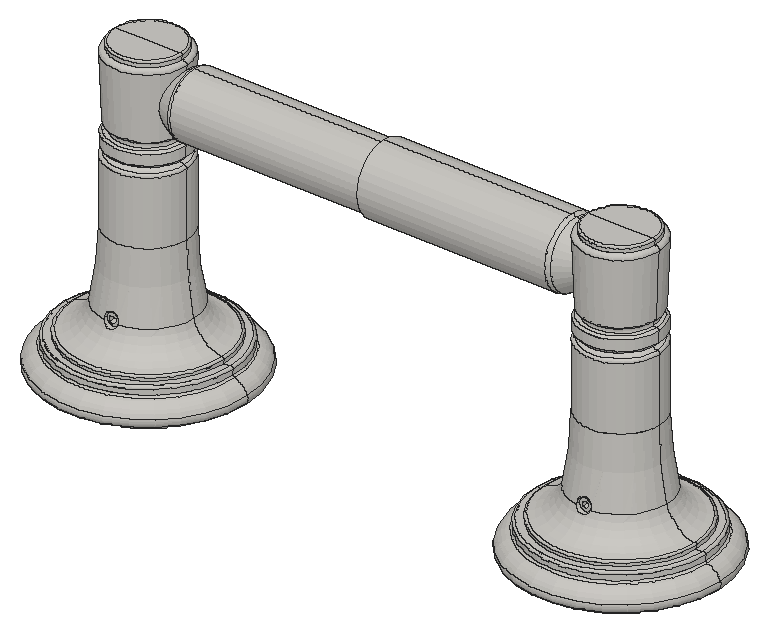
Revit family "Accessory-Tissue_Holder-KALLISTA-Bellis-P34608", category Specialty Equipment, host Face, Revit 2022
Family settings
  Host = Face
  Round Connector Dimension = Use Diameter
  Part Type = Normal
  OmniClass Number = 23.31.25.21
  OmniClass Title = Toilet Paper Dispensers
  Cut with Voids When Loaded = No
  Maintain Annotation Orientation = No
  Shared = No
  Room Calculation Point = No
Parameters (values of type "AD-Nickel Silver")
  Width = 3.51969"  # constant formula
  WaterSense Certified = 1 = 0  # no
  URL = "https://www.kallista.com/"
  Type = 1
  Product Page URL = "https://www.kallista.com/products/luxury-bathroom/accessories/toilet-paper-holders/bellis-toilet-paper-holder-p34608-00/ad-nickel-silver"
  Product Name = "Bellis"  # constant formula
  Product Documentation Link = "https://techcomm.kohler.com/techcomm/pdf/P34608-00_spec_US-CA_Kallista_en.pdf"
  Model = if(Type = 1, "P34608-00-AD", if(Type = 2, "P34608-00-AG", if(Type = 3, "P34608-00-BN", if(Type = 4, "P34608-00-CP", if(Type = 5, "P34608-00-ULB", "NA")))))  # "P34608-00-AD"
  Material = "Premium Metal Construction"  # constant formula
  Master Format 2014 Name = "Toilet, Bath, and Laundry Accessories"  # constant formula
  Master Format 2014 = "10 28 00"  # constant formula
  Manufacturer Address = "444 Highland Dr, Kohler, WI 53044"  # constant formula
  Manufacturer = "Kallista Co."  # constant formula
  Length = 7.99606"  # constant formula
  Height = 2.37402"  # constant formula
  Finish = Kallista-Metal-AD-Nickel_Silver
  Environmental Product Declaration = ""
  Description = "Toilet Paper Holder"  # constant formula
  Default Elevation = 42"
  Declare Label = ""
  Date Modified = "05/15/2025"  # constant formula
  Date Created = "05/15/2025"  # constant formula
  Copyright = "Copyright Kallista Co."  # constant formula
  Contact Us = "https://www.kallista.com/corporate/contact-us/"
  Assembly Code = "C1030200"
  ADA Compliant = 1 = 0  # no
Types (5): name | Type | Product Page URL | Model | Finish
  AD-Nickel Silver | 1 | "https://www.kallista.com/products/luxury-bathroom/accessories/toilet-paper-holders/bellis-toilet-paper-holder-p34608-00/ad-nickel-silver" | "P34608-00-AD" | Kallista-Metal-AD-Nickel_Silver
  AG-Brushed Nickel | 2 | "" | "P34608-00-AG" | Kallista-Metal-AG-Brushed_Nickel
  BN-Brushed Nickel | 3 | "" | "P34608-00-BN" | Kallista-Metal-BN-Brushed_Nickel
  CP-Chrome | 4 | "https://www.kallista.com/products/luxury-bathroom/accessories/toilet-paper-holders/bellis-toilet-paper-holder-p34608-00/cp-polished-chrome" | "P34608-00-CP" | Kallista-Metal-CP-Chrome
  ULB-Unlaquered Brass | 5 | "https://www.kallista.com/products/luxury-bathroom/accessories/toilet-paper-holders/bellis-toilet-paper-holder-p34608-00" | "P34608-00-ULB" | Kallista-Metal-ULB-Unlaquered_Brass
Reference planes (in)
  plane 1 "Center (Front/Back)": y = 0
  plane 2: z = 0
  plane 3 "Center (Left/Right)": x = 0
  plane 4: x = -2.81299
  plane 5: x = 2.81299
  plane 6: y = 1.18701
  plane 7: y = -1.18701
  plane 8: x = 3.99803
  plane 9: x = -3.99803
  plane 10: z = 3.51969
  plane 11: x = 1.62795
  plane 12: x = 3.99803
  plane 13: x = -1.62795
Dimensions and locks (in)
  "Length": plane 9 to plane 8
  "Height": plane 6 to plane 7
  "Width": plane 10 to level
  level to plane 10 = 3.51969"
  plane 6 to plane 7 = 2.37402"
  aligned and locked: plane 2 to host face
  aligned and locked: level to host face
  aligned and locked: plane 1 "Center (Front/Back)" to nested 1
Automatic sketch dimensions
  host sketch curve to host sketch curve = 96"  (x2)
Nested families (in)
  nested 1: "P34608" at (0, 0, 0), type "P34608"
Definition of nested family "P34608"
  Parameters (values of type "P34608")
    Material = none
    Default Elevation = 0"
  Reference planes (in)
    plane 1 "Center (Front/Back)": y = 0
    plane 2: z = 0
    plane 3 "Center (Left/Right)": x = 0
    plane 4: y = -1.18701
    plane 5: y = 1.18701
    plane 6: z = 3.51969
    plane 7: x = 2.81299
    plane 8: x = -2.81299
    plane 9: x = -3.99803
    plane 10: x = 4.00211
    plane 11: x = 1.62795
    plane 12: x = -1.62795
  Forms (in)
    Revolve 1, solid, material <- "Material", detail levels medium+fine
      sketch origin (0, 0, 0) x (1, 0, 0) y (0, 0, 1)
        loop
          line (-2.81299, 3.51865) -> (-3.19581, 3.51865)
          arc (-3.19581, 3.51865) -> (-3.21027, 3.51267) -> (-3.21625, 3.49821) r 0.02044
          line (-3.21625, 3.49821) -> (-3.21625, 3.45492)
          arc (-3.21625, 3.45492) -> (-3.25642, 3.44272) -> (-3.27263, 3.404) r 0.04931
          line (-3.27263, 3.404) -> (-3.24084, 2.66849)
          arc (-3.24084, 2.66849) -> (-3.22146, 2.65779) -> (-3.20681, 2.64119) r 0.06483
          arc (-3.20681, 2.64119) -> (-3.1969, 2.61511) -> (-3.19729, 2.58721) r 0.07445
          line (-3.19729, 2.58721) -> (-3.24042, 2.57961) -> (-3.26623, 2.5538) -> (-3.26623, 2.43118) -> (-3.23438, 2.39933) -> (-3.19781, 2.39933)
          arc (-3.19781, 2.39933) -> (-3.18448, 2.39115) -> (-3.18573, 2.37555) r 0.01496
          arc (-3.18573, 2.37555) -> (-3.21177, 2.35153) -> (-3.24497, 2.33918) r 0.09158
          arc (-3.24497, 2.33918) -> (-3.26481, 2.32799) -> (-3.27268, 2.3066) r 0.03301
          line (-3.27268, 2.3066) -> (-3.27268, 1.55348)
          arc (-3.27268, 1.55348) -> (-3.29539, 1.14906) -> (-3.36324, 0.74973) r 3.61209
          arc (-3.36324, 0.74973) -> (-3.48049, 0.54762) -> (-3.69164, 0.44756) r 0.3937
          arc (-3.69164, 0.44756) -> (-3.70685, 0.43927) -> (-3.7129, 0.42305) r 0.02475
          line (-3.7129, 0.42305) -> (-3.7129, 0.39066) -> (-3.79598, 0.39066)
          arc (-3.79598, 0.39066) -> (-3.81527, 0.38266) -> (-3.82327, 0.36337) r 0.02729
          line (-3.82327, 0.36337) -> (-3.82327, 0.3018)
          arc (-3.82327, 0.3018) -> (-3.82878, 0.28607) -> (-3.84289, 0.27722) r 0.02521
          arc (-3.84289, 0.27722) -> (-3.93742, 0.22798) -> (-3.99556, 0.13864) r 0.20981
          arc (-3.99556, 0.13864) -> (-3.99821, 0.08957) -> (-3.97558, 0.04595) r 0.09341
          arc (-3.97558, 0.04595) -> (-3.95981, 0.0347) -> (-3.94085, 0.03073) r 0.04723
          line (-3.94085, 0.03073) -> (-3.89735, 0.03073) -> (-3.89735, 0) -> (-2.81299, 0) -> (-2.81299, 3.51865)
        axis (-2.81299, 0) -> (-2.81299, 3.51865)
      angle from 0 to 360
    Revolve 2, solid, material <- "Material", detail levels medium+fine
      sketch origin (0, 0, 0) x (-1, 0, 0) y (0, 0, -1)
        loop
          line (-2.81299, -3.51865) -> (-2.81299, 0) -> (-3.89735, 0) -> (-3.89735, -0.03073) -> (-3.94085, -0.03073)
          arc (-3.94085, -0.03073) -> (-3.95981, -0.0347) -> (-3.97558, -0.04595) r 0.04723
          arc (-3.97558, -0.04595) -> (-3.99821, -0.08957) -> (-3.99556, -0.13864) r 0.09341
          arc (-3.99556, -0.13864) -> (-3.93742, -0.22798) -> (-3.84289, -0.27722) r 0.20981
          arc (-3.84289, -0.27722) -> (-3.82878, -0.28607) -> (-3.82327, -0.3018) r 0.02521
          line (-3.82327, -0.3018) -> (-3.82327, -0.36337)
          arc (-3.82327, -0.36337) -> (-3.81527, -0.38266) -> (-3.79598, -0.39066) r 0.02729
          line (-3.79598, -0.39066) -> (-3.7129, -0.39066) -> (-3.7129, -0.42305)
          arc (-3.7129, -0.42305) -> (-3.70685, -0.43927) -> (-3.69164, -0.44756) r 0.02475
          arc (-3.69164, -0.44756) -> (-3.48049, -0.54762) -> (-3.36324, -0.74973) r 0.3937
          arc (-3.36324, -0.74973) -> (-3.29539, -1.14906) -> (-3.27268, -1.55348) r 3.61209
          line (-3.27268, -1.55348) -> (-3.27268, -2.3066)
          arc (-3.27268, -2.3066) -> (-3.26481, -2.32799) -> (-3.24497, -2.33918) r 0.03301
          arc (-3.24497, -2.33918) -> (-3.21177, -2.35153) -> (-3.18573, -2.37555) r 0.09158
          arc (-3.18573, -2.37555) -> (-3.18448, -2.39115) -> (-3.19781, -2.39933) r 0.01496
          line (-3.19781, -2.39933) -> (-3.23438, -2.39933) -> (-3.26623, -2.43118) -> (-3.26623, -2.5538) -> (-3.24042, -2.57961) -> (-3.19729, -2.58721)
          arc (-3.19729, -2.58721) -> (-3.1969, -2.61511) -> (-3.20681, -2.64119) r 0.07445
          arc (-3.20681, -2.64119) -> (-3.22146, -2.65779) -> (-3.24084, -2.66849) r 0.06483
          line (-3.24084, -2.66849) -> (-3.27263, -3.404)
          arc (-3.27263, -3.404) -> (-3.25642, -3.44272) -> (-3.21625, -3.45492) r 0.04931
          line (-3.21625, -3.45492) -> (-3.21625, -3.49821)
          arc (-3.21625, -3.49821) -> (-3.21027, -3.51267) -> (-3.19581, -3.51865) r 0.02044
          line (-3.19581, -3.51865) -> (-2.81299, -3.51865)
        axis (-2.81299, 0) -> (-2.81299, -3.51865)
      angle from 0 to 360
    Revolve 3, solid, material <- "Material", detail levels medium+fine
      sketch origin (0, 0, 0) x (1, 0, 0) y (0, 0, 1)
        loop
          line (-2.60105, 3.0374) -> (2.55112, 3.0374) -> (2.55112, 3.24241) -> (2.28806, 3.42661)
          arc (2.28806, 3.42661) -> (2.26067, 3.44012) -> (2.23049, 3.44476) r 0.10037
          line (2.23049, 3.44476) -> (0, 3.44476) -> (0, 3.41331) -> (-2.25105, 3.41331)
          arc (-2.25105, 3.41331) -> (-2.2665, 3.41154) -> (-2.28117, 3.40635) r 0.0687
          line (-2.28117, 3.40635) -> (-2.60105, 3.25033) -> (-2.60105, 3.0374)
        axis (2.55112, 3.0374) -> (-2.60105, 3.0374)
      angle from 0 to 360
    Extrusion 4, void
      sketch origin (0, 0, 0) x (1, 0, 0) y (0, 0, 1)
        loop
          circle (-2.81145, 0.77262) r 0.08733
      from 0 to 0.91479
    Extrusion 5, solid, material <- "Material", detail levels medium+fine
      sketch origin (0, 0, 0) x (1, 0, 0) y (0, 0, 1)
        loop
          circle (-2.81117, 0.77043) r 0.06863
      from 0 to 0.51793
    Extrusion 6, void
      sketch origin (0, 0, 0) x (1, 0, 0) y (0, 0, 1)
        loop
          line (-2.81249, 0.81304) -> (-2.85104, 0.79078) -> (-2.85104, 0.74627) -> (-2.81249, 0.72401) -> (-2.77394, 0.74627) -> (-2.77394, 0.79078) -> (-2.81249, 0.81304)
      from 0 to 0.70409
    Extrusion 7, void
      sketch origin (0, 0, 0) x (-1, 0, 0) y (0, 0, -1)
        loop
          circle (-2.81145, -0.77262) r 0.08733
      from 0 to 0.91479
    Extrusion 8, solid, material <- "Material", detail levels medium+fine
      sketch origin (0, 0, 0) x (-1, 0, 0) y (0, 0, -1)
        loop
          circle (-2.81117, -0.77043) r 0.06863
      from 0 to 0.51793
    Extrusion 9, void
      sketch origin (0, 0, 0) x (-1, 0, 0) y (0, 0, -1)
        loop
          line (-2.81249, -0.81304) -> (-2.77394, -0.79078) -> (-2.77394, -0.74627) -> (-2.81249, -0.72401) -> (-2.85104, -0.74627) -> (-2.85104, -0.79078) -> (-2.81249, -0.81304)
      from 0 to 0.70409
    Revolve 10, solid, material <- "Material", detail levels coarse
      sketch origin (0, 0, 0) x (1, 0, 0) y (0, 0, 1)
        loop
          line (-2.81299, 3.51969) -> (-3.11772, 3.51969)
          arc (-3.11772, 3.51969) -> (-3.23094, 3.47279) -> (-3.27784, 3.35956) r 0.16012
          line (-3.27784, 3.35956) -> (-3.27784, 1.13802)
          arc (-3.27784, 1.13802) -> (-3.42101, 0.68011) -> (-3.79953, 0.3853) r 0.80387
          arc (-3.79953, 0.3853) -> (-3.90832, 0.30057) -> (-3.94947, 0.16896) r 0.23105
          line (-3.94947, 0.16896) -> (-3.94947, 0.06423)
          arc (-3.94947, 0.06423) -> (-3.93066, 0.01881) -> (-3.88524, 0) r 0.06423
          line (-3.88524, 0) -> (-2.81299, 0) -> (-2.81299, 3.51969)
        axis (-2.81299, 0) -> (-2.81299, 3.51969)
      angle from 0 to 360
    Revolve 11, solid, material <- "Material", detail levels coarse
      sketch origin (0, 0, 0) x (-1, 0, 0) y (0, 0, -1)
        loop
          line (-2.81299, -3.51969) -> (-2.81299, 0) -> (-3.88524, 0)
          arc (-3.88524, 0) -> (-3.93066, -0.01881) -> (-3.94947, -0.06423) r 0.06423
          line (-3.94947, -0.06423) -> (-3.94947, -0.16896)
          arc (-3.94947, -0.16896) -> (-3.90832, -0.30057) -> (-3.79953, -0.3853) r 0.23105
          arc (-3.79953, -0.3853) -> (-3.42101, -0.68011) -> (-3.27784, -1.13802) r 0.80387
          line (-3.27784, -1.13802) -> (-3.27784, -3.35956)
          arc (-3.27784, -3.35956) -> (-3.23094, -3.47279) -> (-3.11772, -3.51969) r 0.16012
          line (-3.11772, -3.51969) -> (-2.81299, -3.51969)
        axis (-2.81299, 0) -> (-2.81299, -3.51969)
      angle from 0 to 360
    Revolve 12, solid, material <- "Material", detail levels coarse
      sketch origin (0, 0, -0.02461) x (1, 0, 0) y (0, 0, 1)
        loop
          line (-2.57359, 3.05452) -> (2.6278, 3.05452) -> (2.6278, 3.46188) -> (0.07668, 3.46188) -> (0.07668, 3.43042) -> (-2.57359, 3.43042) -> (-2.57359, 3.05452)
        axis (2.6278, 3.05452) -> (-2.57359, 3.05452)
      angle from 0 to 360
  Cuts and joins
    Extrusion 4, Extrusion 7, Extrusion 9 cuts Revolve 1
    Extrusion 6, Extrusion 7, Extrusion 9 cuts Extrusion 5
    Extrusion 7 cuts Revolve 2
    Extrusion 9 cuts Extrusion 8
  Lines and regions (in)
    Masking region 1
      outline origin (0, 0, 0) x (1, 0, 0) y (0, 0, 1)
        loop
          line (-3.89927, 0) -> (-2.73148, 0) -> (-1.73099, 0) -> (-1.73099, 0.03073) -> (-1.68748, 0.03073)
          arc (-1.68748, 0.03073) -> (-1.66853, 0.0347) -> (-1.65276, 0.04595) r 0.04723
          arc (-1.65276, 0.04595) -> (-1.63013, 0.08957) -> (-1.63278, 0.13864) r 0.09341
          arc (-1.63278, 0.13864) -> (-1.69092, 0.22798) -> (-1.78545, 0.27722) r 0.20981
          arc (-1.78545, 0.27722) -> (-1.79956, 0.28607) -> (-1.80507, 0.3018) r 0.02521
          line (-1.80507, 0.3018) -> (-1.80507, 0.36337)
          arc (-1.80507, 0.36337) -> (-1.81306, 0.38266) -> (-1.83236, 0.39066) r 0.02729
          line (-1.83236, 0.39066) -> (-1.91543, 0.39066) -> (-1.91543, 0.42575)
          arc (-1.91543, 0.42575) -> (-1.92102, 0.44029) -> (-1.93492, 0.44735) r 0.02172
          arc (-1.93492, 0.44735) -> (-2.13518, 0.53243) -> (-2.25285, 0.71545) r 0.36955
          arc (-2.25285, 0.71545) -> (-2.31604, 1.00185) -> (-2.34716, 1.29348) r 2.64676
          arc (-2.34716, 1.29348) -> (-2.35451, 1.50674) -> (-2.35489, 1.72012) r 6.51751
          line (-2.35489, 1.72012) -> (-2.35489, 2.31803)
          arc (-2.35489, 2.31803) -> (-2.36063, 2.33262) -> (-2.37477, 2.33938) r 0.0214
          arc (-2.37477, 2.33938) -> (-2.41261, 2.3506) -> (-2.44222, 2.37671) r 0.09158
          arc (-2.44222, 2.37671) -> (-2.44348, 2.3923) -> (-2.43014, 2.40048) r 0.01496
          line (-2.43014, 2.40048) -> (-2.39357, 2.40048) -> (-2.36173, 2.43233) -> (-2.36173, 2.55495) -> (-2.38754, 2.58076) -> (-2.43066, 2.58837)
          arc (-2.43066, 2.58837) -> (-2.43105, 2.61626) -> (-2.42115, 2.64234) r 0.07445
          arc (-2.42115, 2.64234) -> (-2.40551, 2.65972) -> (-2.38473, 2.67042) r 0.06483
          line (-2.38473, 2.67042) -> (-2.38473, 2.70237) -> (-2.41247, 2.72252)
          arc (-2.41247, 2.72252) -> (-2.38837, 2.7166) -> (-2.36546, 2.70705) r 0.16203
          line (-2.36546, 2.70705) -> (-2.26766, 2.65722) -> (0, 2.65722) -> (0, 2.62577) -> (2.23826, 2.62577)
          arc (2.23826, 2.62577) -> (2.26283, 2.62966) -> (2.28499, 2.64095) r 0.07949
          line (2.28499, 2.64095) -> (2.352, 2.68963)
          arc (2.352, 2.68963) -> (2.38116, 2.70805) -> (2.41247, 2.72252) r 0.26515
          line (2.41247, 2.72252) -> (2.38473, 2.70237) -> (2.38473, 2.67042)
          arc (2.38473, 2.67042) -> (2.40551, 2.65972) -> (2.42115, 2.64234) r 0.06483
          arc (2.42115, 2.64234) -> (2.43105, 2.61626) -> (2.43066, 2.58837) r 0.07445
          line (2.43066, 2.58837) -> (2.38754, 2.58076) -> (2.36173, 2.55495) -> (2.36173, 2.43233) -> (2.39357, 2.40048) -> (2.43014, 2.40048)
          arc (2.43014, 2.40048) -> (2.44348, 2.3923) -> (2.44222, 2.37671) r 0.01496
          arc (2.44222, 2.37671) -> (2.41261, 2.3506) -> (2.37477, 2.33938) r 0.09158
          arc (2.37477, 2.33938) -> (2.36063, 2.33262) -> (2.35489, 2.31803) r 0.0214
          line (2.35489, 2.31803) -> (2.35489, 1.72012)
          arc (2.35489, 1.72012) -> (2.35451, 1.50674) -> (2.34716, 1.29348) r 6.51751
          arc (2.34716, 1.29348) -> (2.31604, 1.00185) -> (2.25285, 0.71545) r 2.64676
          arc (2.25285, 0.71545) -> (2.13518, 0.53243) -> (1.93492, 0.44735) r 0.36955
          arc (1.93492, 0.44735) -> (1.92102, 0.44029) -> (1.91543, 0.42575) r 0.02172
          line (1.91543, 0.42575) -> (1.91543, 0.39066) -> (1.83236, 0.39066)
          arc (1.83236, 0.39066) -> (1.81306, 0.38266) -> (1.80507, 0.36337) r 0.02729
          line (1.80507, 0.36337) -> (1.80507, 0.3018)
          arc (1.80507, 0.3018) -> (1.79956, 0.28607) -> (1.78545, 0.27722) r 0.02521
          arc (1.78545, 0.27722) -> (1.69092, 0.22798) -> (1.63278, 0.13864) r 0.20981
          arc (1.63278, 0.13864) -> (1.63013, 0.08957) -> (1.65276, 0.04595) r 0.09341
          arc (1.65276, 0.04595) -> (1.66853, 0.0347) -> (1.68748, 0.03073) r 0.04723
          line (1.68748, 0.03073) -> (1.73099, 0.03073) -> (1.73099, 0) -> (2.73148, 0) -> (3.89927, 0) -> (3.89927, 0.03073) -> (3.94277, 0.03073)
          arc (3.94277, 0.03073) -> (3.96173, 0.0347) -> (3.9775, 0.04595) r 0.04723
          arc (3.9775, 0.04595) -> (4.00013, 0.08957) -> (3.99748, 0.13864) r 0.09341
          arc (3.99748, 0.13864) -> (3.93934, 0.22798) -> (3.84481, 0.27722) r 0.20981
          arc (3.84481, 0.27722) -> (3.83069, 0.28607) -> (3.82518, 0.3018) r 0.02521
          line (3.82518, 0.3018) -> (3.82518, 0.36337)
          arc (3.82518, 0.36337) -> (3.81719, 0.38266) -> (3.79789, 0.39066) r 0.02729
          line (3.79789, 0.39066) -> (3.71482, 0.39066) -> (3.71482, 0.42575)
          arc (3.71482, 0.42575) -> (3.70923, 0.44029) -> (3.69534, 0.44735) r 0.02172
          arc (3.69534, 0.44735) -> (3.49508, 0.53243) -> (3.3774, 0.71545) r 0.36955
          arc (3.3774, 0.71545) -> (3.31421, 1.00185) -> (3.2831, 1.29348) r 2.64676
          arc (3.2831, 1.29348) -> (3.27604, 1.49099) -> (3.27498, 1.68863) r 6.51751
          line (3.27498, 1.68863) -> (3.27498, 2.31803)
          arc (3.27498, 2.31803) -> (3.26924, 2.33262) -> (3.2551, 2.33938) r 0.0214
          arc (3.2551, 2.33938) -> (3.21726, 2.3506) -> (3.18765, 2.37671) r 0.09158
          arc (3.18765, 2.37671) -> (3.18639, 2.3923) -> (3.19973, 2.40048) r 0.01496
          line (3.19973, 2.40048) -> (3.2363, 2.40048) -> (3.26814, 2.43233) -> (3.26814, 2.55495) -> (3.24233, 2.58076) -> (3.19921, 2.58837)
          arc (3.19921, 2.58837) -> (3.19882, 2.61626) -> (3.20872, 2.64234) r 0.07445
          arc (3.20872, 2.64234) -> (3.22337, 2.65894) -> (3.24276, 2.66965) r 0.06483
          line (3.24276, 2.66965) -> (3.27454, 3.40515)
          arc (3.27454, 3.40515) -> (3.25833, 3.44387) -> (3.21817, 3.45607) r 0.04931
          line (3.21817, 3.45607) -> (3.21817, 3.49964)
          arc (3.21817, 3.49964) -> (3.2123, 3.51382) -> (3.19813, 3.51969) r 0.02004
          line (3.19813, 3.51969) -> (2.81494, 3.51969) -> (2.43174, 3.51969)
          arc (2.43174, 3.51969) -> (2.41757, 3.51382) -> (2.4117, 3.49964) r 0.02004
          line (2.4117, 3.49964) -> (2.4117, 3.45607)
          arc (2.4117, 3.45607) -> (2.37154, 3.44387) -> (2.35533, 3.40515) r 0.04931
          line (2.35533, 3.40515) -> (2.35533, 3.37332) -> (2.28245, 3.43051)
          arc (2.28245, 3.43051) -> (2.26302, 3.4411) -> (2.2412, 3.44476) r 0.06682
          line (2.2412, 3.44476) -> (0, 3.44476) -> (0, 3.41331) -> (-2.26737, 3.41331) -> (-2.35533, 3.36849) -> (-2.35533, 3.40515)
          arc (-2.35533, 3.40515) -> (-2.37154, 3.44387) -> (-2.4117, 3.45607) r 0.04931
          line (-2.4117, 3.45607) -> (-2.4117, 3.49964)
          arc (-2.4117, 3.49964) -> (-2.41757, 3.51382) -> (-2.43174, 3.51969) r 0.02004
          line (-2.43174, 3.51969) -> (-2.81494, 3.51969) -> (-3.19813, 3.51969)
          arc (-3.19813, 3.51969) -> (-3.2123, 3.51382) -> (-3.21817, 3.49964) r 0.02004
          line (-3.21817, 3.49964) -> (-3.21817, 3.45607)
          arc (-3.21817, 3.45607) -> (-3.25833, 3.44387) -> (-3.27454, 3.40515) r 0.04931
          line (-3.27454, 3.40515) -> (-3.24276, 2.66965)
          arc (-3.24276, 2.66965) -> (-3.22337, 2.65894) -> (-3.20872, 2.64234) r 0.06483
          arc (-3.20872, 2.64234) -> (-3.19882, 2.61626) -> (-3.19921, 2.58837) r 0.07445
          line (-3.19921, 2.58837) -> (-3.24233, 2.58076) -> (-3.26814, 2.55495) -> (-3.26814, 2.43233) -> (-3.2363, 2.40048) -> (-3.19973, 2.40048)
          arc (-3.19973, 2.40048) -> (-3.18639, 2.3923) -> (-3.18765, 2.37671) r 0.01496
          arc (-3.18765, 2.37671) -> (-3.21726, 2.3506) -> (-3.2551, 2.33938) r 0.09158
          arc (-3.2551, 2.33938) -> (-3.26924, 2.33262) -> (-3.27498, 2.31803) r 0.0214
          line (-3.27498, 2.31803) -> (-3.27498, 1.68863)
          arc (-3.27498, 1.68863) -> (-3.27604, 1.49099) -> (-3.2831, 1.29348) r 6.51751
          arc (-3.2831, 1.29348) -> (-3.31421, 1.00185) -> (-3.3774, 0.71545) r 2.64676
          arc (-3.3774, 0.71545) -> (-3.49508, 0.53243) -> (-3.69534, 0.44735) r 0.36955
          arc (-3.69534, 0.44735) -> (-3.70923, 0.44029) -> (-3.71482, 0.42575) r 0.02172
          line (-3.71482, 0.42575) -> (-3.71482, 0.39066) -> (-3.79789, 0.39066)
          arc (-3.79789, 0.39066) -> (-3.81719, 0.38266) -> (-3.82518, 0.36337) r 0.02729
          line (-3.82518, 0.36337) -> (-3.82518, 0.3018)
          arc (-3.82518, 0.3018) -> (-3.83069, 0.28607) -> (-3.84481, 0.27722) r 0.02521
          arc (-3.84481, 0.27722) -> (-3.93934, 0.22798) -> (-3.99748, 0.13864) r 0.20981
          arc (-3.99748, 0.13864) -> (-4.00013, 0.08957) -> (-3.9775, 0.04595) r 0.09341
          arc (-3.9775, 0.04595) -> (-3.96173, 0.0347) -> (-3.94277, 0.03073) r 0.04723
          line (-3.94277, 0.03073) -> (-3.89927, 0.03073) -> (-3.89927, 0)
    Masking region 2
      outline origin (0, 0, 0) x (0, 1, 0) y (0, 0, 1)
        loop
          arc (1.1812, 0.14069) -> (1.12306, 0.23003) -> (1.02853, 0.27927) r 0.20981
          arc (1.02853, 0.27927) -> (1.01441, 0.28812) -> (1.0089, 0.30385) r 0.02521
          line (1.0089, 0.30385) -> (1.0089, 0.36849)
          arc (1.0089, 0.36849) -> (1.00091, 0.38779) -> (0.98161, 0.39578) r 0.02729
          line (0.98161, 0.39578) -> (0.89623, 0.39578) -> (0.89623, 0.43087)
          arc (0.89623, 0.43087) -> (0.89064, 0.44541) -> (0.87675, 0.45247) r 0.02172
          arc (0.87675, 0.45247) -> (0.67649, 0.53755) -> (0.55882, 0.72057) r 0.36955
          arc (0.55882, 0.72057) -> (0.49563, 1.00697) -> (0.46451, 1.2986) r 2.64676
          arc (0.46451, 1.2986) -> (0.45637, 1.56928) -> (0.45947, 1.84007) r 6.51751
          line (0.45947, 1.84007) -> (0.45947, 2.31585)
          arc (0.45947, 2.31585) -> (0.45373, 2.33044) -> (0.43959, 2.3372) r 0.0214
          arc (0.43959, 2.3372) -> (0.40175, 2.34842) -> (0.37214, 2.37453) r 0.09158
          arc (0.37214, 2.37453) -> (0.37088, 2.39012) -> (0.38422, 2.3983) r 0.01496
          line (0.38422, 2.3983) -> (0.42001, 2.3983) -> (0.45965, 2.43794) -> (0.45965, 2.54729) -> (0.42682, 2.58012) -> (0.38369, 2.58772)
          arc (0.38369, 2.58772) -> (0.38331, 2.61562) -> (0.39321, 2.6417) r 0.07445
          arc (0.39321, 2.6417) -> (0.4065, 2.65718) -> (0.42395, 2.66776) r 0.06483
          line (0.42395, 2.66776) -> (0.45595, 3.40847)
          arc (0.45595, 3.40847) -> (0.43974, 3.44719) -> (0.39958, 3.45939) r 0.04931
          line (0.39958, 3.45939) -> (0.39958, 3.49964)
          arc (0.39958, 3.49964) -> (0.39371, 3.51382) -> (0.37954, 3.51969) r 0.02004
          line (0.37954, 3.51969) -> (-0.37954, 3.51969)
          arc (-0.37954, 3.51969) -> (-0.39371, 3.51382) -> (-0.39958, 3.49964) r 0.02004
          line (-0.39958, 3.49964) -> (-0.39958, 3.45939)
          arc (-0.39958, 3.45939) -> (-0.43974, 3.44719) -> (-0.45595, 3.40847) r 0.04931
          line (-0.45595, 3.40847) -> (-0.42395, 2.66776)
          arc (-0.42395, 2.66776) -> (-0.4065, 2.65718) -> (-0.39321, 2.6417) r 0.06483
          arc (-0.39321, 2.6417) -> (-0.38331, 2.61562) -> (-0.38369, 2.58772) r 0.07445
          line (-0.38369, 2.58772) -> (-0.42682, 2.58012) -> (-0.45965, 2.54729) -> (-0.45965, 2.43794) -> (-0.42001, 2.3983) -> (-0.38422, 2.3983)
          arc (-0.38422, 2.3983) -> (-0.37088, 2.39012) -> (-0.37214, 2.37453) r 0.01496
          arc (-0.37214, 2.37453) -> (-0.40175, 2.34842) -> (-0.43959, 2.3372) r 0.09158
          arc (-0.43959, 2.3372) -> (-0.45373, 2.33044) -> (-0.45947, 2.31585) r 0.0214
          line (-0.45947, 2.31585) -> (-0.45947, 1.84007)
          arc (-0.45947, 1.84007) -> (-0.45637, 1.56928) -> (-0.46451, 1.2986) r 6.51751
          arc (-0.46451, 1.2986) -> (-0.49563, 1.00697) -> (-0.55882, 0.72057) r 2.64676
          arc (-0.55882, 0.72057) -> (-0.67649, 0.53755) -> (-0.87675, 0.45247) r 0.36955
          arc (-0.87675, 0.45247) -> (-0.89064, 0.44541) -> (-0.89623, 0.43087) r 0.02172
          line (-0.89623, 0.43087) -> (-0.89623, 0.39578) -> (-0.98161, 0.39578)
          arc (-0.98161, 0.39578) -> (-1.00091, 0.38779) -> (-1.0089, 0.36849) r 0.02729
          line (-1.0089, 0.36849) -> (-1.0089, 0.30385)
          arc (-1.0089, 0.30385) -> (-1.01441, 0.28812) -> (-1.02853, 0.27927) r 0.02521
          arc (-1.02853, 0.27927) -> (-1.12306, 0.23003) -> (-1.1812, 0.14069) r 0.20981
          arc (-1.1812, 0.14069) -> (-1.18384, 0.09162) -> (-1.16122, 0.048) r 0.09341
          arc (-1.16122, 0.048) -> (-1.14545, 0.03675) -> (-1.12649, 0.03278) r 0.04723
          line (-1.12649, 0.03278) -> (-1.07837, 0.03278) -> (-1.07837, 0) -> (1.07837, 0) -> (1.07837, 0.03278) -> (1.12649, 0.03278)
          arc (1.12649, 0.03278) -> (1.14545, 0.03675) -> (1.16122, 0.048) r 0.04723
          arc (1.16122, 0.048) -> (1.18384, 0.09162) -> (1.1812, 0.14069) r 0.09341
    Masking region 3
      outline origin (0, 0, 0) x (1, 0, 0) y (0, 1, 0)
        loop
          arc (-1.68834, 0.37966) -> (-4, 0.00077) -> (-1.68883, -0.38111) r 1.18701
          line (-1.68883, -0.38111) -> (0, -0.38111) -> (0, -0.41214) -> (1.69983, -0.41214)
          arc (1.69983, -0.41214) -> (4, 0.00077) -> (1.69929, 0.41069) r 1.18701
          line (1.69929, 0.41069) -> (0, 0.41069) -> (0, 0.37966) -> (-1.68834, 0.37966)
    symbolic lines, detail levels medium+fine
      curve 1: line (-3.24277, 0, 2.66983) -> (-2.38517, 0, 2.66983)
      curve 2: line (-3.19917, 0, 2.58855) -> (-2.42872, 0, 2.58855)
      curve 3: line (-3.25248, 0, 2.55514) -> (-2.37023, 0, 2.55514)
      curve 4: line (-3.19776, 0, 2.39875) -> (-2.43714, 0, 2.39875)
      curve 5: line (-3.25286, 0, 2.33956) -> (-2.37701, 0, 2.33956)
      curve 6: line (-3.27498, 0, 2.31822) -> (-2.35489, 0, 2.31822)
      curve 7: line (-3.71488, 0, 0.39065) -> (-1.91542, 0, 0.39065)
      curve 8: line (-1.93259, 0, 0.44869) -> (-3.69339, 0, 0.44869)
      curve 9: line (-3.82515, 0, 0.36471) -> (-1.80413, 0, 0.36471)
      curve 10: line (-3.82324, 0, 0.30314) -> (-1.80503, 0, 0.30314)
      curve 11: line (-3.84286, 0, 0.27856) -> (-1.7918, 0, 0.27856)
      curve 12: line (-3.89733, 0, 0.03207) -> (-1.72866, 0, 0.03207)
      curve 13: line (-3.26796, 0, 2.55514) -> (-2.36173, 0, 2.55514)
      curve 14: line (-3.26814, 0, 2.43444) -> (-2.36173, 0, 2.43444)
      curve 15: line (-3.21629, 0, 2.55514) -> (-3.21629, 0, 2.43444)
      curve 16: line (-3.25248, 0, 2.55514) -> (-3.25248, 0, 2.43444)
      curve 17: line (-3.24085, 0, 2.55514) -> (-3.24085, 0, 2.43444)
      curve 18: line (-3.22954, 0, 2.55514) -> (-3.22954, 0, 2.43444)
      curve 19: line (-3.20711, 0, 2.55514) -> (-3.20711, 0, 2.43444)
      curve 20: line (-3.19563, 0, 2.55514) -> (-3.19563, 0, 2.43444)
      curve 21: line (-3.1847, 0, 2.55514) -> (-3.1847, 0, 2.43444)
      curve 22: line (-3.15311, 0, 2.55514) -> (-3.15311, 0, 2.43444)
      curve 23: line (-3.11692, 0, 2.55514) -> (-3.11692, 0, 2.43444)
      curve 24: line (-3.12855, 0, 2.55514) -> (-3.12855, 0, 2.43444)
      curve 25: line (-3.13986, 0, 2.55514) -> (-3.13986, 0, 2.43444)
      curve 26: line (-3.16229, 0, 2.55514) -> (-3.16229, 0, 2.43444)
      curve 27: line (-3.17377, 0, 2.55514) -> (-3.17377, 0, 2.43444)
      curve 28: line (-2.99837, 0, 2.55514) -> (-2.99837, 0, 2.43444)
      curve 29: line (-2.96217, 0, 2.55514) -> (-2.96217, 0, 2.43444)
      curve 30: line (-2.97381, 0, 2.55514) -> (-2.97381, 0, 2.43444)
      curve 31: line (-2.98511, 0, 2.55514) -> (-2.98511, 0, 2.43444)
      curve 32: line (-3.00754, 0, 2.55514) -> (-3.00754, 0, 2.43444)
      curve 33: line (-3.01903, 0, 2.55514) -> (-3.01903, 0, 2.43444)
      curve 34: line (-3.02995, 0, 2.55514) -> (-3.02995, 0, 2.43444)
      curve 35: line (-3.06154, 0, 2.55514) -> (-3.06154, 0, 2.43444)
      curve 36: line (-3.09774, 0, 2.55514) -> (-3.09774, 0, 2.43444)
      curve 37: line (-3.0861, 0, 2.55514) -> (-3.0861, 0, 2.43444)
      curve 38: line (-3.0748, 0, 2.55514) -> (-3.0748, 0, 2.43444)
      curve 39: line (-3.05237, 0, 2.55514) -> (-3.05237, 0, 2.43444)
      curve 40: line (-3.04088, 0, 2.55514) -> (-3.04088, 0, 2.43444)
      curve 41: line (-3.10815, 0, 2.55514) -> (-3.10815, 0, 2.43444)
      curve 42: line (-2.92598, 0, 2.55514) -> (-2.92598, 0, 2.43444)
      curve 43: line (-2.95054, 0, 2.55514) -> (-2.95054, 0, 2.43444)
      curve 44: line (-2.93923, 0, 2.55514) -> (-2.93923, 0, 2.43444)
      curve 45: line (-2.9168, 0, 2.55514) -> (-2.9168, 0, 2.43444)
      curve 46: line (-2.90532, 0, 2.55514) -> (-2.90532, 0, 2.43444)
      curve 47: line (-2.89439, 0, 2.55514) -> (-2.89439, 0, 2.43444)
      curve 48: line (-2.87198, 0, 2.55514) -> (-2.87198, 0, 2.43444)
      curve 49: line (-2.88346, 0, 2.55514) -> (-2.88346, 0, 2.43444)
      curve 50: line (-2.81914, 0, 2.55514) -> (-2.81914, 0, 2.43444)
      curve 51: line (-2.83007, 0, 2.55514) -> (-2.83007, 0, 2.43444)
      curve 52: line (-2.85248, 0, 2.55514) -> (-2.85248, 0, 2.43444)
      curve 53: line (-2.841, 0, 2.55514) -> (-2.841, 0, 2.43444)
      curve 54: line (-2.86083, 0, 2.55514) -> (-2.86083, 0, 2.43444)
      curve 55: line (-2.40643, 0, 2.55514) -> (-2.40643, 0, 2.43444)
      curve 56: line (-2.37023, 0, 2.55514) -> (-2.37023, 0, 2.43444)
      curve 57: line (-2.38187, 0, 2.55514) -> (-2.38187, 0, 2.43444)
      curve 58: line (-2.39317, 0, 2.55514) -> (-2.39317, 0, 2.43444)
      curve 59: line (-2.4156, 0, 2.55514) -> (-2.4156, 0, 2.43444)
      curve 60: line (-2.42709, 0, 2.55514) -> (-2.42709, 0, 2.43444)
      curve 61: line (-2.43801, 0, 2.55514) -> (-2.43801, 0, 2.43444)
      curve 62: line (-2.4696, 0, 2.55514) -> (-2.4696, 0, 2.43444)
      curve 63: line (-2.5058, 0, 2.55514) -> (-2.5058, 0, 2.43444)
      curve 64: line (-2.49416, 0, 2.55514) -> (-2.49416, 0, 2.43444)
      curve 65: line (-2.48286, 0, 2.55514) -> (-2.48286, 0, 2.43444)
      curve 66: line (-2.46043, 0, 2.55514) -> (-2.46043, 0, 2.43444)
      curve 67: line (-2.44894, 0, 2.55514) -> (-2.44894, 0, 2.43444)
      curve 68: line (-2.62435, 0, 2.55514) -> (-2.62435, 0, 2.43444)
      curve 69: line (-2.66054, 0, 2.55514) -> (-2.66054, 0, 2.43444)
      curve 70: line (-2.64891, 0, 2.55514) -> (-2.64891, 0, 2.43444)
      curve 71: line (-2.6376, 0, 2.55514) -> (-2.6376, 0, 2.43444)
      curve 72: line (-2.61517, 0, 2.55514) -> (-2.61517, 0, 2.43444)
      curve 73: line (-2.60369, 0, 2.55514) -> (-2.60369, 0, 2.43444)
      curve 74: line (-2.59276, 0, 2.55514) -> (-2.59276, 0, 2.43444)
      curve 75: line (-2.56117, 0, 2.55514) -> (-2.56117, 0, 2.43444)
      curve 76: line (-2.52498, 0, 2.55514) -> (-2.52498, 0, 2.43444)
      curve 77: line (-2.53662, 0, 2.55514) -> (-2.53662, 0, 2.43444)
      curve 78: line (-2.54792, 0, 2.55514) -> (-2.54792, 0, 2.43444)
      curve 79: line (-2.57035, 0, 2.55514) -> (-2.57035, 0, 2.43444)
      curve 80: line (-2.58183, 0, 2.55514) -> (-2.58183, 0, 2.43444)
      curve 81: line (-2.51457, 0, 2.55514) -> (-2.51457, 0, 2.43444)
      curve 82: line (-2.69674, 0, 2.55514) -> (-2.69674, 0, 2.43444)
      curve 83: line (-2.67218, 0, 2.55514) -> (-2.67218, 0, 2.43444)
      curve 84: line (-2.68348, 0, 2.55514) -> (-2.68348, 0, 2.43444)
      curve 85: line (-2.70591, 0, 2.55514) -> (-2.70591, 0, 2.43444)
      curve 86: line (-2.7174, 0, 2.55514) -> (-2.7174, 0, 2.43444)
      curve 87: line (-2.72832, 0, 2.55514) -> (-2.72832, 0, 2.43444)
      curve 88: line (-2.75074, 0, 2.55514) -> (-2.75074, 0, 2.43444)
      curve 89: line (-2.73925, 0, 2.55514) -> (-2.73925, 0, 2.43444)
      curve 90: line (-2.80357, 0, 2.55514) -> (-2.80357, 0, 2.43444)
      curve 91: line (-2.79264, 0, 2.55514) -> (-2.79264, 0, 2.43444)
      curve 92: line (-2.77023, 0, 2.55514) -> (-2.77023, 0, 2.43444)
      curve 93: line (-2.78171, 0, 2.55514) -> (-2.78171, 0, 2.43444)
      curve 94: line (-2.76188, 0, 2.55514) -> (-2.76188, 0, 2.43444)
      curve 95: line (-2.35533, 0, 3.36849) -> (-2.48216, 0, 3.25215)
      curve 96: line (-2.41247, 0, 2.72252) -> (-2.52437, 0, 2.93148)
      curve 97: arc (-2.48216, 0, 3.25215) -> (-2.55769, 0, 3.09898) -> (-2.52437, 0, 2.93148) r 0.26565
      curve 98: line (-3.21817, 0, 3.45607) -> (-2.4117, 0, 3.45607)
      curve 99: line (-3.21817, 0, 3.49964) -> (-2.4117, 0, 3.49964)
      curve 100: line (-3.27454, 0, 3.40515) -> (-2.35533, 0, 3.40515)
      curve 101: line (-2.38473, 0, 2.70237) -> (-3.24417, 0, 2.70237)
      curve 102: line (3.24277, 0, 2.66983) -> (2.38517, 0, 2.66983)
      curve 103: line (3.19917, 0, 2.58855) -> (2.42872, 0, 2.58855)
      curve 104: line (3.25248, 0, 2.55514) -> (2.37023, 0, 2.55514)
      curve 105: line (3.19973, 0, 2.40048) -> (2.43014, 0, 2.40048)
      curve 106: line (3.25408, 0, 2.33956) -> (2.37701, 0, 2.33956)
      curve 107: line (3.27498, 0, 2.31822) -> (2.35531, 0, 2.31822)
      curve 108: line (3.71488, 0, 0.39065) -> (1.91542, 0, 0.39065)
      curve 109: line (1.94619, 0, 0.44869) -> (3.68406, 0, 0.44869)
      curve 110: line (3.82515, 0, 0.36471) -> (1.80413, 0, 0.36471)
      curve 111: line (3.82522, 0, 0.30314) -> (1.80503, 0, 0.30314)
      curve 112: line (3.84063, 0, 0.27856) -> (1.78962, 0, 0.27856)
      curve 113: line (3.89927, 0, 0.03073) -> (1.73099, 0, 0.03073)
      curve 114: line (3.26796, 0, 2.55514) -> (2.36191, 0, 2.55514)
      curve 115: line (3.26814, 0, 2.43444) -> (2.36173, 0, 2.43444)
      curve 116: line (3.21629, 0, 2.55514) -> (3.21629, 0, 2.43444)
      curve 117: line (3.25248, 0, 2.55514) -> (3.25248, 0, 2.43444)
      curve 118: line (3.24085, 0, 2.55514) -> (3.24085, 0, 2.43444)
      curve 119: line (3.22954, 0, 2.55514) -> (3.22954, 0, 2.43444)
      curve 120: line (3.20711, 0, 2.55514) -> (3.20711, 0, 2.43444)
      curve 121: line (3.19563, 0, 2.55514) -> (3.19563, 0, 2.43444)
      curve 122: line (3.1847, 0, 2.55514) -> (3.1847, 0, 2.43444)
      curve 123: line (3.15311, 0, 2.55514) -> (3.15311, 0, 2.43444)
      curve 124: line (3.11692, 0, 2.55514) -> (3.11692, 0, 2.43444)
      curve 125: line (3.12855, 0, 2.55514) -> (3.12855, 0, 2.43444)
      curve 126: line (3.13986, 0, 2.55514) -> (3.13986, 0, 2.43444)
      curve 127: line (3.16229, 0, 2.55514) -> (3.16229, 0, 2.43444)
      curve 128: line (3.17377, 0, 2.55514) -> (3.17377, 0, 2.43444)
      curve 129: line (2.99837, 0, 2.55514) -> (2.99837, 0, 2.43444)
      curve 130: line (2.96217, 0, 2.55514) -> (2.96217, 0, 2.43444)
      curve 131: line (2.97381, 0, 2.55514) -> (2.97381, 0, 2.43444)
      curve 132: line (2.98511, 0, 2.55514) -> (2.98511, 0, 2.43444)
      curve 133: line (3.00754, 0, 2.55514) -> (3.00754, 0, 2.43444)
      curve 134: line (3.01903, 0, 2.55514) -> (3.01903, 0, 2.43444)
      curve 135: line (3.02995, 0, 2.55514) -> (3.02995, 0, 2.43444)
      curve 136: line (3.06154, 0, 2.55514) -> (3.06154, 0, 2.43444)
      curve 137: line (3.09774, 0, 2.55514) -> (3.09774, 0, 2.43444)
      curve 138: line (3.0861, 0, 2.55514) -> (3.0861, 0, 2.43444)
      curve 139: line (3.0748, 0, 2.55514) -> (3.0748, 0, 2.43444)
      curve 140: line (3.05237, 0, 2.55514) -> (3.05237, 0, 2.43444)
      curve 141: line (3.04088, 0, 2.55514) -> (3.04088, 0, 2.43444)
      curve 142: line (3.10815, 0, 2.55514) -> (3.10815, 0, 2.43444)
      curve 143: line (2.92598, 0, 2.55514) -> (2.92598, 0, 2.43444)
      curve 144: line (2.95054, 0, 2.55514) -> (2.95054, 0, 2.43444)
      curve 145: line (2.93923, 0, 2.55514) -> (2.93923, 0, 2.43444)
      curve 146: line (2.9168, 0, 2.55514) -> (2.9168, 0, 2.43444)
      curve 147: line (2.90532, 0, 2.55514) -> (2.90532, 0, 2.43444)
      curve 148: line (2.89439, 0, 2.55514) -> (2.89439, 0, 2.43444)
      curve 149: line (2.87198, 0, 2.55514) -> (2.87198, 0, 2.43444)
      curve 150: line (2.88346, 0, 2.55514) -> (2.88346, 0, 2.43444)
      curve 151: line (2.81914, 0, 2.55514) -> (2.81914, 0, 2.43444)
      curve 152: line (2.83007, 0, 2.55514) -> (2.83007, 0, 2.43444)
      curve 153: line (2.85248, 0, 2.55514) -> (2.85248, 0, 2.43444)
      curve 154: line (2.841, 0, 2.55514) -> (2.841, 0, 2.43444)
      curve 155: line (2.86083, 0, 2.55514) -> (2.86083, 0, 2.43444)
      curve 156: line (2.40643, 0, 2.55514) -> (2.40643, 0, 2.43444)
      curve 157: line (2.37023, 0, 2.55514) -> (2.37023, 0, 2.43444)
      curve 158: line (2.38187, 0, 2.55514) -> (2.38187, 0, 2.43444)
      curve 159: line (2.39317, 0, 2.55514) -> (2.39317, 0, 2.43444)
      curve 160: line (2.4156, 0, 2.55514) -> (2.4156, 0, 2.43444)
      curve 161: line (2.42709, 0, 2.55514) -> (2.42709, 0, 2.43444)
      curve 162: line (2.43801, 0, 2.55514) -> (2.43801, 0, 2.43444)
      curve 163: line (2.4696, 0, 2.55514) -> (2.4696, 0, 2.43444)
      curve 164: line (2.5058, 0, 2.55514) -> (2.5058, 0, 2.43444)
      curve 165: line (2.49416, 0, 2.55514) -> (2.49416, 0, 2.43444)
      curve 166: line (2.48286, 0, 2.55514) -> (2.48286, 0, 2.43444)
      curve 167: line (2.46043, 0, 2.55514) -> (2.46043, 0, 2.43444)
      curve 168: line (2.44894, 0, 2.55514) -> (2.44894, 0, 2.43444)
      curve 169: line (2.62435, 0, 2.55514) -> (2.62435, 0, 2.43444)
      curve 170: line (2.66054, 0, 2.55514) -> (2.66054, 0, 2.43444)
      curve 171: line (2.64891, 0, 2.55514) -> (2.64891, 0, 2.43444)
      curve 172: line (2.6376, 0, 2.55514) -> (2.6376, 0, 2.43444)
      curve 173: line (2.61517, 0, 2.55514) -> (2.61517, 0, 2.43444)
      curve 174: line (2.60369, 0, 2.55514) -> (2.60369, 0, 2.43444)
      curve 175: line (2.59276, 0, 2.55514) -> (2.59276, 0, 2.43444)
      curve 176: line (2.56117, 0, 2.55514) -> (2.56117, 0, 2.43444)
      curve 177: line (2.52498, 0, 2.55514) -> (2.52498, 0, 2.43444)
      curve 178: line (2.53662, 0, 2.55514) -> (2.53662, 0, 2.43444)
      curve 179: line (2.54792, 0, 2.55514) -> (2.54792, 0, 2.43444)
      curve 180: line (2.57035, 0, 2.55514) -> (2.57035, 0, 2.43444)
      curve 181: line (2.58183, 0, 2.55514) -> (2.58183, 0, 2.43444)
      curve 182: line (2.51457, 0, 2.55514) -> (2.51457, 0, 2.43444)
      curve 183: line (2.69674, 0, 2.55514) -> (2.69674, 0, 2.43444)
      curve 184: line (2.67218, 0, 2.55514) -> (2.67218, 0, 2.43444)
      curve 185: line (2.68348, 0, 2.55514) -> (2.68348, 0, 2.43444)
      curve 186: line (2.70591, 0, 2.55514) -> (2.70591, 0, 2.43444)
      curve 187: line (2.7174, 0, 2.55514) -> (2.7174, 0, 2.43444)
      curve 188: line (2.72832, 0, 2.55514) -> (2.72832, 0, 2.43444)
      curve 189: line (2.75074, 0, 2.55514) -> (2.75074, 0, 2.43444)
      curve 190: line (2.73925, 0, 2.55514) -> (2.73925, 0, 2.43444)
      curve 191: line (2.80357, 0, 2.55514) -> (2.80357, 0, 2.43444)
      curve 192: line (2.79264, 0, 2.55514) -> (2.79264, 0, 2.43444)
      curve 193: line (2.77023, 0, 2.55514) -> (2.77023, 0, 2.43444)
      curve 194: line (2.78171, 0, 2.55514) -> (2.78171, 0, 2.43444)
      curve 195: line (2.76188, 0, 2.55514) -> (2.76188, 0, 2.43444)
      curve 196: line (2.35533, 0, 3.37332) -> (2.48216, 0, 3.25215)
      curve 197: line (2.41247, 0, 2.72252) -> (2.52437, 0, 2.93148)
      curve 198: arc (2.48216, 0, 3.25215) -> (2.55769, 0, 3.09898) -> (2.52437, 0, 2.93148) r 0.26565
      curve 199: line (3.21817, 0, 3.45607) -> (2.4117, 0, 3.45607)
      curve 200: line (3.21817, 0, 3.49964) -> (2.4117, 0, 3.49964)
      curve 201: line (3.27454, 0, 3.40515) -> (2.35533, 0, 3.40515)
      curve 202: line (2.38473, 0, 2.70237) -> (3.24417, 0, 2.70237)
      curve 203: line (0, 0.89623, 0.39578) -> (0, -0.89623, 0.39578)
      curve 204: line (0, 0.89419, 0.44007) -> (0, -0.89419, 0.44007)
      curve 205: line (0, 1.00853, 0.37301) -> (0, -1.01045, 0.37301)
      curve 206: line (0, 1.0089, 0.30837) -> (0, -1.01083, 0.30837)
      curve 207: line (0, 1.01885, 0.28378) -> (0, -1.02629, 0.28378)
      curve 208: line (0, 1.07837, 0.03278) -> (0, -1.07837, 0.03278)
      curve 209: line (0, 0.4564, 2.32652) -> (0, -0.45662, 2.32652)
      curve 210: line (0, 0.40276, 2.34787) -> (0, -0.40276, 2.34787)
      curve 211: line (0, 0.43068, 2.40897) -> (0, -0.43068, 2.40897)
      curve 212: line (0, 0.36937, 2.38519) -> (0, -0.36937, 2.38519)
      curve 213: line (0, 0.38241, 2.59686) -> (0, -0.38294, 2.59686)
      curve 214: line (0, 0.42417, 2.67814) -> (0, -0.4244, 2.67814)
      curve 215: line (0, 0.45551, 3.41364) -> (0, -0.4559, 3.41364)
      curve 216: line (0, 0.39958, 3.45939) -> (0, -0.39958, 3.45939)
      curve 217: line (0, 0.45741, 2.4357) -> (0, -0.45686, 2.4357)
      curve 218: line (0, 0.44862, 2.55832) -> (0, -0.44862, 2.55832)
      curve 219: line (0, 0.43652, 2.55832) -> (0, 0.43652, 2.4357)
      curve 220: line (0, 0.41189, 2.55832) -> (0, 0.41189, 2.4357)
      curve 221: line (0, 0.38114, 2.55832) -> (0, 0.38114, 2.4357)
      curve 222: line (0, 0.35187, 2.55832) -> (0, 0.35187, 2.4357)
      curve 223: line (0, 0.3267, 2.55832) -> (0, 0.3267, 2.4357)
      curve 224: line (0, 0.29862, 2.55832) -> (0, 0.29862, 2.4357)
      curve 225: line (0, 0.26861, 2.55832) -> (0, 0.26861, 2.4357)
      curve 226: line (0, 0.24441, 2.55832) -> (0, 0.24441, 2.4357)
      curve 227: line (0, 0.21149, 2.55832) -> (0, 0.21149, 2.4357)
      curve 228: line (0, 0.18148, 2.55832) -> (0, 0.18148, 2.4357)
      curve 229: line (0, 0.1505, 2.55832) -> (0, 0.1505, 2.4357)
      curve 230: line (0, 0.11468, 2.55832) -> (0, 0.11468, 2.4357)
      curve 231: line (0, 0.08177, 2.55832) -> (0, 0.08177, 2.4357)
      curve 232: line (0, 0.04305, 2.55832) -> (0, 0.04305, 2.4357)
      curve 233: line (0, -0.43848, 2.55832) -> (0, -0.43848, 2.4357)
      curve 234: line (0, -0.41385, 2.55832) -> (0, -0.41385, 2.4357)
      curve 235: line (0, -0.3831, 2.55832) -> (0, -0.3831, 2.4357)
      curve 236: line (0, -0.35383, 2.55832) -> (0, -0.35383, 2.4357)
      curve 237: line (0, -0.32866, 2.55832) -> (0, -0.32866, 2.4357)
      curve 238: line (0, -0.30058, 2.55832) -> (0, -0.30058, 2.4357)
      curve 239: line (0, -0.27057, 2.55832) -> (0, -0.27057, 2.4357)
      curve 240: line (0, -0.24637, 2.55832) -> (0, -0.24637, 2.4357)
      curve 241: line (0, -0.21346, 2.55832) -> (0, -0.21346, 2.4357)
      curve 242: line (0, -0.18345, 2.55832) -> (0, -0.18345, 2.4357)
      curve 243: line (0, -0.15247, 2.55832) -> (0, -0.15247, 2.4357)
      curve 244: line (0, -0.11665, 2.55832) -> (0, -0.11665, 2.4357)
      curve 245: line (0, -0.08373, 2.55832) -> (0, -0.08373, 2.4357)
      curve 246: line (0, -0.04501, 2.55832) -> (0, -0.04501, 2.4357)
      curve 247: line (0, -0.00098, 2.55832) -> (0, -0.00098, 2.4357)
      curve 248: line (0, 0.38082, 0) -> (0, 0.41227, 0)
      curve 249: circle (-2.81299, 0, 0) r 0.40326 normal (0, 0, 1)
      curve 250: circle (-2.81299, 0, 0) r 0.45323 normal (0, 0, 1)
      curve 251: arc (-1.99709, 0.37966, 0) -> (-3.7129, 0.00083, 0) -> (-1.99779, -0.38116, 0) r 0.89991
      curve 252: arc (-1.86746, 0.37966, 0) -> (-3.8319, 0.00081, 0) -> (-1.86806, -0.38116, 0) r 1.01891
      curve 253: line (-2.48799, 0.3159, 0) -> (-2.42289, 0.3159, 0)
      curve 254: line (-2.38211, 0.32494, 0) -> (-2.28315, 0.37109, 0)
      curve 255: line (-2.24448, 0.37966, 0) -> (-1.99709, 0.37966, 0)
      curve 256: line (-2.48588, -0.31372, 0) -> (-2.42034, -0.31372, 0)
      curve 257: line (-2.37754, -0.32519, 0) -> (-2.31268, -0.36264, 0)
      curve 258: line (-2.24355, -0.38116, 0) -> (-1.99779, -0.38116, 0)
      curve 259: arc (-2.31268, -0.36264, 0) -> (-2.27933, -0.37645, 0) -> (-2.24355, -0.38116, 0) r 0.13826
      curve 260: arc (-2.42034, -0.31372, 0) -> (-2.39819, -0.31664, 0) -> (-2.37754, -0.32519, 0) r 0.0856
      curve 261: arc (-2.42289, 0.3159, 0) -> (-2.40201, 0.31819, 0) -> (-2.38211, 0.32494, 0) r 0.0965
      curve 262: arc (-2.28315, 0.37109, 0) -> (-2.26428, 0.37749, 0) -> (-2.24448, 0.37966, 0) r 0.0915
      curve 263: line (-1.99709, 0.37966, 0) -> (-1.86746, 0.37966, 0)
      curve 264: line (-1.86746, 0.37966, 0) -> (-1.69105, 0.37966, 0)
      curve 265: line (-1.99779, -0.38116, 0) -> (-1.86806, -0.38116, 0)
      curve 266: line (-1.86806, -0.38116, 0) -> (-1.68885, -0.38116, 0)
      curve 267: circle (2.81299, 0, 0) r 0.40326 normal (0, 0, -1)
      curve 268: circle (2.81299, 0, 0) r 0.45323 normal (0, 0, -1)
      curve 269: arc (2.01212, 0.41042, 0) -> (3.7129, 0.00084, 0) -> (2.01289, -0.41192, 0) r 0.89991
      curve 270: arc (1.88039, 0.41042, 0) -> (3.8319, 0.00082, 0) -> (1.88106, -0.41192, 0) r 1.01891
      curve 271: line (2.52102, 0.34666, 0) -> (2.42904, 0.34666, 0)
      curve 272: line (2.38826, 0.3557, 0) -> (2.2893, 0.40185, 0)
      curve 273: line (2.25063, 0.41042, 0) -> (2.01212, 0.41042, 0)
      curve 274: line (2.48588, -0.31372, 0) -> (2.42034, -0.31372, 0)
      curve 275: line (2.37754, -0.32519, 0) -> (2.2594, -0.3934, 0)
      curve 276: line (2.19027, -0.41192, 0) -> (2.01289, -0.41192, 0)
      curve 277: arc (2.2594, -0.3934, 0) -> (2.22606, -0.40721, 0) -> (2.19027, -0.41192, 0) r 0.13826
      curve 278: arc (2.42034, -0.31372, 0) -> (2.39819, -0.31664, 0) -> (2.37754, -0.32519, 0) r 0.0856
      curve 279: arc (2.42904, 0.34666, 0) -> (2.40816, 0.34895, 0) -> (2.38826, 0.3557, 0) r 0.0965
      curve 280: arc (2.2893, 0.40185, 0) -> (2.27043, 0.40825, 0) -> (2.25063, 0.41042, 0) r 0.0915
      curve 281: line (2.01212, 0.41042, 0) -> (1.88039, 0.41042, 0)
      curve 282: line (1.88039, 0.41042, 0) -> (1.6972, 0.41042, 0)
      curve 283: line (2.01289, -0.41192, 0) -> (1.88106, -0.41192, 0)
      curve 284: line (1.88106, -0.41192, 0) -> (1.69975, -0.41192, 0)
      curve 285: arc (2.73947, -0.5456, 0) -> (2.81916, -0.5783, 0) -> (2.90024, -0.54919, 0) r 0.12003
      curve 286: arc (2.74775, -0.5208, 0) -> (2.81904, -0.51635, 0) -> (2.89043, -0.51891, 0) r 0.72749
      curve 287: arc (2.73947, -0.5456, 0) -> (2.73569, -0.53056, 0) -> (2.74775, -0.5208, 0) r 0.01441
      curve 288: arc (2.89043, -0.51891, 0) -> (2.90539, -0.5308, 0) -> (2.90024, -0.54919, 0) r 0.01727
      curve 289: arc (-2.73947, -0.5456, 0) -> (-2.81916, -0.5783, 0) -> (-2.90024, -0.54919, 0) r 0.12003
      curve 290: arc (-2.74775, -0.5208, 0) -> (-2.81904, -0.51635, 0) -> (-2.89043, -0.51891, 0) r 0.72749
      curve 291: arc (-2.73947, -0.5456, 0) -> (-2.73569, -0.53056, 0) -> (-2.74775, -0.5208, 0) r 0.01441
      curve 292: arc (-2.89043, -0.51891, 0) -> (-2.90539, -0.5308, 0) -> (-2.90024, -0.54919, 0) r 0.01727
      curve 293: line (0, 0.38082, 0) -> (0, -0.38111, 0)
  Dimensions and locks (in)
    aligned and locked: plane 2 to level
